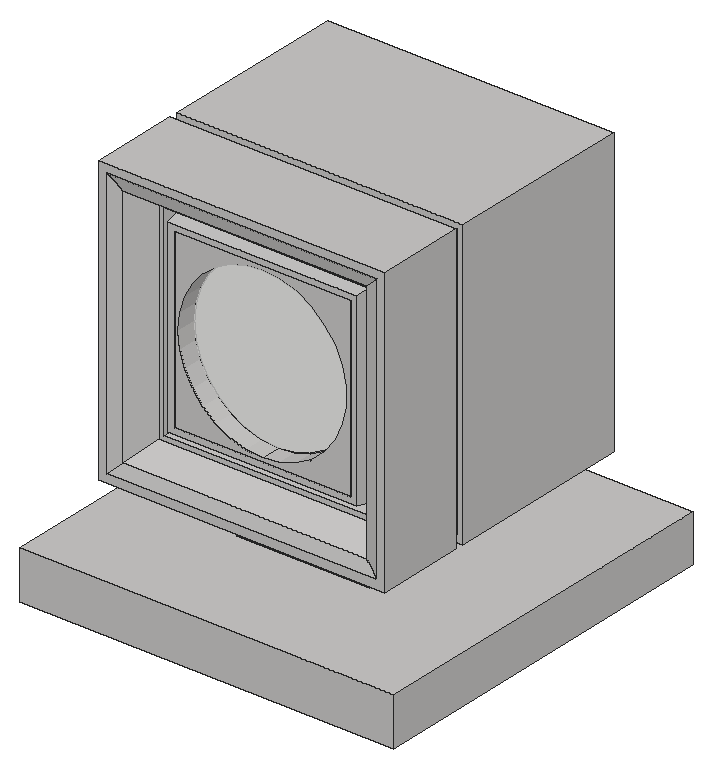
Revit family "CLighting-Luminii-Leto_44_WM_SML", category Lighting Fixtures, host Face, Revit 2020
Family settings
  Host = Face
  Round Connector Dimension = Use Diameter
  Part Type = Normal
  OmniClass Number = 23.80.70.11.14.21
  OmniClass Title = Spots and Tracklight Specialties
  Cut with Voids When Loaded = No
  Light Source = Yes
  Shared = Yes
  Room Calculation Point = No
Parameters (values of type "Leto 44 WM SML")
  Width = 0' - 3 189/256"  # constant formula
  Wattage Comments = "6.5W"
  Wattage = 6.49954 W
  Warranty URL = "https://www.luminii.com/terms-conditions/"
  built-in parameter 1150110 = 1 (stored number, unit not read)
  Voltage Comments = "120V | 277V | 347V"  # constant formula
  Voltage = 120 V
  Version = "2020 - v1.0a"  # constant formula
  URL = "https://www.luminii.com/"
  built-in parameter 1114217 = 1 (stored number, unit not read)
  Tilt Angle = 0.00°  # constant formula
  built-in parameter 1150109 = 1 (stored number, unit not read)
  built-in parameter 1150134 = (empty or 0)
  built-in parameter 1150113 = 1 (stored number, unit not read)
  Support Phone = "224-699-9545"  # constant formula
  Support Email = "mailto:support@bimsmith.com"
  Product Page URL = "https://www.luminii.com/product/leto-44-wm-sml/"
  Power Source Type = "Driver"  # constant formula
  Power Factor = 1
  Photometric Web File = "717-A90-610-35-07-00.ies"
  Phase = 1
  Operating Temperature = "Consult Manufacturer Website for more Information"  # constant formula
  Number of Poles = if(and(or(Voltage = 120 V, Voltage = 277 V), Phase = 1), 1, if(and(or(Voltage = 208 V, Voltage = 240 V), Phase = 1), 2, if(and(or(Voltage = 208 V, Voltage = 240 V), Phase = 3), 3, if(and(Voltage > 300 V, Phase = 1), 2, if(and(Voltage > 400 V, Phase = 3), 3, 1)))))  # 1
  Mounting Method = "Wall Mount"  # constant formula
  Model = "717"  # constant formula
  Manufacturer Phone Number = "403-216-7043"  # constant formula
  Manufacturer Email = "mailto: info@sensolighting.com"
  Manufacturer Address = "302 50 Ave SE. Calgary, Alberta, T2G 2A9 Canada"  # constant formula
  Manufacturer = "Luminii"  # constant formula
  built-in parameter 1150105 = 55.704 (stored number, unit not read)
  Lumens = 700 lm
  Luminaire Type = "Wall Mount LED Light"  # constant formula
  built-in parameter 1150115 = 1 (stored number, unit not read)
  Load Classification = Lighting
  built-in parameter 1150137 = (empty or 0)
  built-in parameter 1150139 = (empty or 0)
  Lens Material = Plastic - Luminii - Frosted Lens
  Length [instance] = 0' - 3 189/256"  # constant formula
  built-in parameter 1150112 = 1 (stored number, unit not read)
  built-in parameter 1150114 = 1 (stored number, unit not read)
  Lamp Life = 1
  Lamp = "LED"  # constant formula
  Keynote = "26 50 00"
  built-in parameter 1150132 = 2
  built-in parameter 1150102 = (empty or 0)
  built-in parameter 1150107 = 3500 (stored number, unit not read)
  Initial Color Comments = "Perfomance based on 3500K Photometric Web File"  # constant formula
  built-in parameter 1150138 = (empty or 0)
  built-in parameter 1150106 = 0.55704 (stored number, unit not read)
  Housing Protection Rating = "Consult Manufacturer Website for more Information"  # constant formula
  Has Dimming = 1 = 1  # yes
  Has Battery Backup = 0 = 1  # no
  Frequency Comments = ""  # constant formula
  Frequency = 60 Hz
  Finish = Metal - Luminii - Silver Anodized Aluminum
  Environment = "Indoor"  # constant formula
  built-in parameter 1150104 = 10.006 (stored number, unit not read)
  Dimming Type = "Consult Manufacturer Website for more Information"  # constant formula
  Dimming Lamp Color Temperature Shift = <None>
  Description = "Square wall sconce"  # constant formula
  Depth = 0' - 3 189/256"  # constant formula
  Default Elevation = 0' - 0"  # constant formula
  Current Amps = 50 A
  Copyright = "©2023 Luminii"  # constant formula
  Control Zone = "Consult Manufacturer Website for more Information"  # constant formula
  Control Type = "Consult Manufacturer Website for more Information"  # constant formula
  Constraints = 1  # constant formula
  Color Filter = 16777215
  built-in parameter 1114216 [instance] = 0  # (empty or 0)
  built-in parameter 1140040 [instance] = 1 = 1  # 1
  CCT = "3500K"
  built-in parameter 1114218 = 1 (stored number, unit not read)
  built-in parameter 1150133 = 10 (stored number, unit not read)
  Assembly Code = "D5020230"
  Apparent Load = Wattage / Power Factor  # 6.49954 VA
Reference planes (in)
  plane 1 "Center (Front/Back)": y = 0
  plane 2: z = 0
  plane 3 "Center (Left/Right)": x = 0
  plane 4: x = 2.44094
  plane 5: x = -2.44094
  plane 6: y = 2.44094
  plane 7: y = -2.44094
  plane 8: z = 3.25
Forms (in)
  Extrusion 1, solid, material "Metal - Luminii - Silver Anodized Aluminum", not visible
    sketch origin (0, 0, 0) x (1, 0, 0) y (0, 1, 0)
      loop
        circle (0, 0) r 0.5
    from 0 to -0.17225
Dimensions and locks (in)
  equal spacing: plane 5, plane 3 "Center (Left/Right)", plane 4
  equal spacing: plane 6, plane 1 "Center (Front/Back)", plane 7
  aligned and locked: plane 2 to host face
  aligned and locked: plane 3 "Center (Left/Right)" to Extrusion 1 sketch curve
  aligned and locked: plane 1 "Center (Front/Back)" to Extrusion 1 sketch curve
  aligned and locked: plane 2 to Extrusion 1  (x2)
  aligned and locked: imposter light to plane 3 "Center (Left/Right)"
  aligned and locked: imposter light to plane 8
Automatic sketch dimensions
  host sketch curve to host sketch curve = 8' - 0"  (x2)
  radius of Extrusion 1 sketch curve = 0' - 0 1/2"
Nested families (in)
  nested 1: "Nested - Lamp" at (0, 0, 0), type "Nested - Lamp"
Connectors (in)
  electrical at (0, 0, 0), driven by "Number of Poles", driven by "Load Classification", driven by "Voltage", driven by "Apparent Load", driven by "Power Factor"
    settings: on Extrusion 1, index 1, voltage 120 V, apparent load 6.49954 VA, apparent load phase1 0 VA, apparent load phase2 0 VA, apparent load phase3 0 VA, power factor 1, load classification "Lighting", number of poles 1, system type 30, power factor state 1, is connector primary yes, connector utility no, sub classification motor no, connector description "Power Connection"
Definition of nested family "Nested - Lamp"
  Parameters (values of type "Nested - Lamp")
    Width = 0' - 5.57087"  # constant formula
    Screen Material = none
    Inner Screen = none
    Height = 0' - 6.49606"  # constant formula
    Finish = none
    Default Elevation = 4' - 0"
    Constraint = 3
  Reference planes (in)
    plane 1 "Center (Front/Back)": y = 0
    plane 2: z = 0
    plane 3 "Center (Left/Right)": x = 0
  Forms (in)
    Extrusion 1, solid
      sketch origin (0, 0, 0) x (1, 0, 0) y (0, 1, 0)
        loop
          line (-48, 48) -> (-48, -48) -> (48, -48) -> (48, 48) -> (-48, 48)
      from 0 to -12
    Sweep 2, solid, material <- "Finish", detail levels medium+fine
      path origin (-0.03362, -2.16535, 5.57575) x (0, 0, 1) y (-1, 0, 0)
        loop
          line (-0.46063, -1.9037) -> (-0.46063, 1.83645) -> (-4.20079, 1.83645) -> (-4.20079, -1.9037) -> (-0.46063, -1.9037)
      profile origin (1.87008, -2.16535, 3.24504) x (0, -1, 0) y (1, 0, 0)
        loop
          line (-4.03543, 0) -> (-4.03543, -0.07874) -> (-3.83858, -0.07874) -> (-3.83858, -0.21654) -> (-1.42927, -0.21654) -> (-1.42927, -0.72029) -> (-0.63386, -0.72029) -> (-0.63386, -0.63719) -> (-0.89567, -0.60039)
          arc (-0.89567, -0.60039) -> (-0.91935, -0.57657) -> (-0.90017, -0.54899) r 0.02623
          line (-0.90017, -0.54899) -> (-0.68898, -0.53051) -> (-0.68898, -0.47327) -> (-0.34652, -0.27656) -> (-0.29528, -0.10635) -> (-0.29528, 0) -> (-1.45669, 0) -> (-1.45669, -0.07874) -> (-1.5748, -0.07874) -> (-1.5748, 0) -> (-4.03543, 0)
    Extrusion 3, solid, material <- "Screen Material"
      sketch origin (0, -1.9009, 4.32575) x (1, 0, 0) y (0, 0, 1)
        loop
          circle (0, -1.08071) r 1.10236
      from -0.63122 to -0.62137
    Extrusion 4, solid, material <- "Finish"
      sketch origin (1.59205, -1.01378, 5.9178) x (0, 0, -1) y (1, 0, 0)
        loop
          line (3.82255, -0.44226) -> (1.52297, -0.44226) -> (1.52297, -2.74184) -> (3.82255, -2.74184) -> (3.82255, -0.44226)
        loop
          circle (2.67276, -1.59205) r 1.10236
      from -0.12232 to 0.51772
    Extrusion 5, solid, material <- "Finish"
      sketch origin (1.59205, -2.52886, 5.9178) x (0, 0, -1) y (1, 0, 0)
        loop
          circle (2.67276, -1.59205) r 1.10236
      from -1.25917 to -1.79277
    Extrusion 6, solid, material <- "Finish", detail levels medium+fine
      sketch origin (-0.03362, -4.01036, 5.1127) x (0, 0, 1) y (-1, 0, 0)
        loop
          line (-0.07632, -1.82496) -> (-0.07632, 1.75771) -> (-3.659, 1.75771) -> (-3.659, -1.82496) -> (-0.07632, -1.82496)
        loop
          line (-1.27711, -0.30922) -> (-0.68656, -0.30922)
          arc (-0.68656, -0.30922) -> (-0.41097, -0.03362) -> (-0.68656, 0.24197) r 0.27559
          line (-0.68656, 0.24197) -> (-1.27711, 0.24197)
          arc (-1.27711, 0.24197) -> (-1.49982, 0.33422) -> (-1.59207, 0.55693) r 0.31496
          line (-1.59207, 0.55693) -> (-1.59207, 1.14748)
          arc (-1.59207, 1.14748) -> (-1.86766, 1.42307) -> (-2.14325, 1.14748) r 0.27559
          line (-2.14325, 1.14748) -> (-2.14325, 0.55693)
          arc (-2.14325, 0.55693) -> (-2.2355, 0.33422) -> (-2.45821, 0.24197) r 0.31496
          line (-2.45821, 0.24197) -> (-3.04876, 0.24197)
          arc (-3.04876, 0.24197) -> (-3.32435, -0.03362) -> (-3.04876, -0.30922) r 0.27559
          line (-3.04876, -0.30922) -> (-2.45821, -0.30922)
          arc (-2.45821, -0.30922) -> (-2.2355, -0.40147) -> (-2.14325, -0.62418) r 0.31496
          line (-2.14325, -0.62418) -> (-2.14325, -1.21473)
          arc (-2.14325, -1.21473) -> (-1.86766, -1.49032) -> (-1.59207, -1.21473) r 0.27559
          line (-1.59207, -1.21473) -> (-1.59207, -0.62418)
          arc (-1.59207, -0.62418) -> (-1.49982, -0.40147) -> (-1.27711, -0.30922) r 0.31496
      from -5.75828 to -5.68358
    Extrusion 7, solid, material <- "Finish", detail levels medium+fine
      sketch origin (-0.03362, -3.90362, 5.1127) x (0, 0, 1) y (-1, 0, 0)
        loop
          line (-0.07632, -1.82496) -> (-0.07632, 1.75771) -> (-3.659, 1.75771) -> (-3.659, -1.82496) -> (-0.07632, -1.82496)
        loop
          circle (-1.86766, -0.03362) r 0.87104
        loop
          circle (-1.86766, -0.03362) r 0.71409
      from -5.36862 to -5.30882
    Sweep 8, solid, material <- "Finish", detail levels coarse
      path origin (-0.03362, -2.16535, 5.57575) x (0, 0, 1) y (-1, 0, 0)
        loop
          line (-0.46063, -1.9037) -> (-0.46063, 1.83645) -> (-4.20079, 1.83645) -> (-4.20079, -1.9037) -> (-0.46063, -1.9037)
      profile origin (1.87008, -2.16535, 3.24504) x (0, -1, 0) y (1, 0, 0)
        loop
          line (-4.03543, 0) -> (-4.03543, -0.07874) -> (-3.83858, -0.07874) -> (-3.83858, -0.21654) -> (-1.21274, -0.21654) -> (-1.21274, -0.72029) -> (-0.63386, -0.72029) -> (-0.63386, -0.44161) -> (-0.34652, -0.27656) -> (-0.29528, -0.10635) -> (-0.29528, 0) -> (-4.03543, 0)
    Extrusion 9, solid, material <- "Finish"
      sketch origin (-0.03362, 1.25, 6.49606) x (0, 1, 0) y (-1, 0, 0)
        loop
          line (1.19094, 2.40732) -> (-3.69094, 2.40732) -> (-3.69094, -2.47457) -> (1.19094, -2.47457) -> (1.19094, 2.40732)
      from -6.49606 to -5.86614
    Extrusion 10, solid, material <- "Finish"
      sketch origin (-0.03362, 1.25, 6.49606) x (0, 1, 0) y (-1, 0, 0)
        loop
          line (-0.38386, -0.89977) -> (-0.38386, 0.83252) -> (-2.11614, 0.83252) -> (-2.11614, -0.89977) -> (-0.38386, -0.89977)
      from -5.11614 to -5.86614
    Extrusion 11, solid, material <- "Finish", detail levels coarse
      sketch origin (-0.03362, -4.01036, 5.1127) x (0, 0, 1) y (-1, 0, 0)
        loop
          line (-0.07632, -1.82496) -> (-0.07632, 1.75771) -> (-3.659, 1.75771) -> (-3.659, -1.82496) -> (-0.07632, -1.82496)
      from -5.75828 to -5.68358
  Dimensions and locks (in)
    aligned and locked: plane 2 to Extrusion 1
    aligned and locked: level to Extrusion 1
